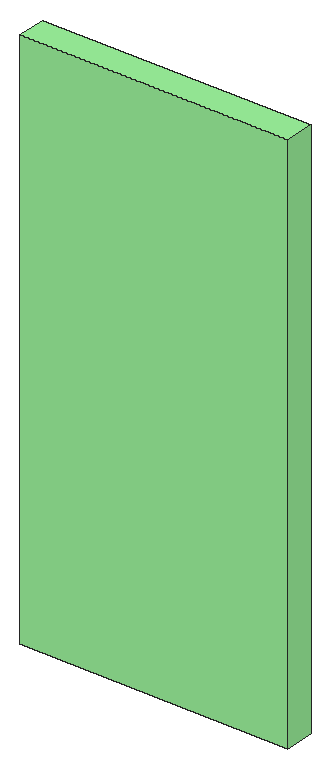
Revit family "EXP_WT-1E_CPan-001", category Curtain Panels, Revit 2021
Family settings
  OmniClass Number = 23.25.20.14.11.11.17
  OmniClass Title = Infill Panels
  Always vertical = Yes
  Cut with Voids When Loaded = No
  Shared = No
Parameters
  UI-UnitNumber [instance] = "001"
  UI-Quadrant [instance] = "SE"
  UI-ProjectAbbreviation = "NEU"
  UI-ItemCategory = "PID"
  UI-FloorNumber [instance] = "03"
  PNT-WallType = "WT1E"
  PNT-ProjectAbbreviation = "NEU"
  PNT-PanelType [instance] = "01"
  PNT-ItemCategory = "PNL"
  GlassH1 [instance] = EMPTY(Glass)
  Define Thermal Properties by = Schematic Type
  CellSp = 0' - 10 3/16"
  CellL [instance] = 7' - 10"
  CellH1 [instance] = CellH  # 15' - 11 1/2"
  CellH [instance] = 15' - 11 1/2"
  Analytic Construction = "<None>"
Reference planes (in)
  plane 1 "Center (Front/Back)": y = 0
  plane 2: z = 0
  plane 3 "Center (Left/Right)": x = 0
  plane 4 "Left": x = -47
  plane 5 "Right": x = 47
  plane 6 "Top": z = 191.5
  plane 7: y = -10.1875
Forms (in)
  Extrusion 1, solid, material "EMPTY(Glass)" <- "GlassH1"
    sketch origin (0, 0, 0) x (0, 1, 0) y (0, 0, 1)
      loop
        line (0, 191.5) -> (-10.1875, 191.5) -> (-10.1875, 0) -> (0, 0) -> (0, 191.5)
    from -47 to 47
Text (in)
  text "Exterior" at (-92.59733, 55.75508, 0), in view "Ref. Level"
  text "Exterior" at (0, 90.18664, 173.49264), in view "Left"
  text "Exterior" at (0, 52.29083, 162.21847), in view "Right"
Dimensions and locks (in)
  equal spacing: plane 4 "Left", plane 3 "Center (Left/Right)", plane 5 "Right"  (x2)
  "CellL": plane 4 "Left" to plane 5 "Right"
  "CellH": plane 2 to plane 6 "Top"
  "CellSp": plane 7 to plane 1 "Center (Front/Back)"
  aligned and locked: level to plane 2
  aligned and locked: Extrusion 1 sketch curve to level
  aligned and locked: Extrusion 1 sketch curve to plane 7
  aligned and locked: Extrusion 1 to plane 5 "Right"
  aligned and locked: plane 4 "Left" to Extrusion 1
  aligned and locked: Extrusion 1 to plane 6 "Top"
  aligned and locked: plane 1 "Center (Front/Back)" to nested 1
  aligned and locked: plane 5 "Right" to nested 1
Automatic sketch dimensions
  Extrusion 1 sketch curve to plane 1 "Center (Front/Back)" = 0' - 0"
  level to Extrusion 1 sketch curve = 15' - 11 1/2"
Nested families (in)
  nested 1: "EXP_xx_DetO-002" at (0, 0, 0), CellH <- "CellH", CellL <- "CellL", type "EXP_xx_DetO-002", detail levels coarse
    with CellL 7' - 10", CellH 15' - 11 1/2"
Definition of nested family "EXP_xx_DetO-002"
  Parameters (values of type "EXP_xx_DetO-002")
    Default Elevation = 0' - 0"
    CellL [instance] = 5' - 4.56693"
    CellH [instance] = 5' - 2.99213"
  Reference planes (in)
    plane 1 "Center (Front/Back)": y = 0
    plane 2: z = 0
    plane 3 "Center (Left/Right)": x = 0
    plane 4: x = -32.28346
    plane 5: x = 32.28346
    plane 6: z = 62.99213
  Lines and regions (in)
    model lines
      curve 1: line (-32.28346, 0, 62.99213) -> (32.28346, 0, 0)
      curve 2: line (32.28346, 0, 62.99213) -> (-32.28346, 0, 0)
  Dimensions and locks (in)
    "CellH": plane 6 to level
    equal spacing: plane 4, plane 3 "Center (Left/Right)", plane 5
    "CellL": plane 4 to plane 5
    aligned and locked: level to plane 2
  Automatic sketch dimensions
    curve 2 to level = 0' - 0"
    plane 4 to curve 2 = 0' - 0"
    plane 4 to curve 1 = 0' - 0"
    plane 5 to curve 2 = 0' - 0"
    curve 1 to level = 0' - 0"
    plane 5 to curve 1 = 0' - 0"
    curve 2 to plane 6 = 0' - 0"
    curve 1 to plane 6 = 0' - 0"
